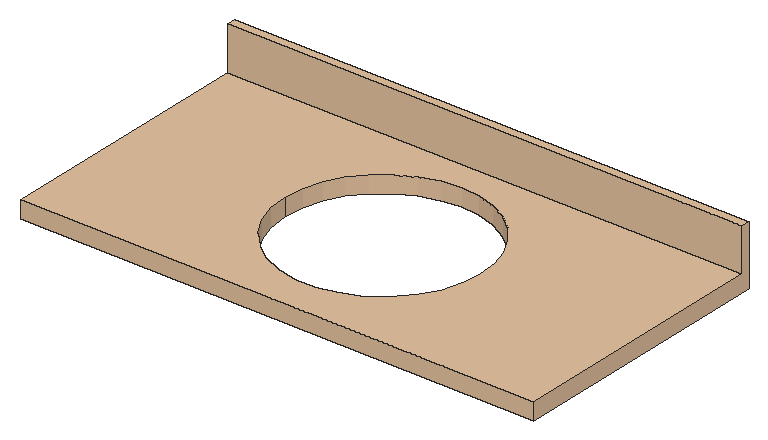
Revit family "Vanity Counter Top w Round Sink Hole (NZ)", category 케이스워크, Revit 2026
Family settings
  작업 기준면 기반 = 아니오
  항상 수직 = 예
  로드될 때 보이드를 사용하여 절단 = 아니오
  공유 = 예
  룸 계산 점 = 아니오
Parameters (values of type "600mm Depth")
  기본 높이 = 0 mm
  Counter Thickness = 40 mm
  Counter Top Material = none
  깊이 = 625 mm
  Height [instance] = 750 mm
  Length [instance] = 1200 mm
  Sink Location [instance] = 600 mm
  Sink Location To Wall [instance] = 100 mm
  Sink Opening Width [instance] = 432 mm
Reference planes
  plane 1 "Back": y = 0
  plane 2: z = 0
  plane 3 "Left": x = -1327.462
  plane 4 "Right": x = -127.462
  plane 5 "Front": y = -625
  plane 6 "Top": z = 750
  plane 7: z = 710
  plane 8: y = -19.05
  plane 9: z = 851.6
  plane 10: x = -727.462
  plane 11: y = -100
  plane 12: x = -511.462
  plane 13: x = -943.462
  plane 14: y = -316
  plane 15: y = -532
Forms (mm)
  Extrusion 1, solid, material <- "Counter Top Material"
    sketch origin (0, 0, 0) x (1, 0, 0) y (0, 1, 0)
      loop
        line (-1327.462, 0) -> (-1327.462, -625) -> (-127.462, -625) -> (-127.462, 0) -> (-1327.462, 0)
    from 710 to 750
  Extrusion 2, solid, material <- "Counter Top Material"
    sketch origin (0, 0, 0) x (1, 0, 0) y (0, 1, 0)
      loop
        line (-127.462, 0) -> (-1327.462, 0) -> (-1327.462, -19.05) -> (-127.462, -19.05) -> (-127.462, 0)
    from 750 to 851.6
  Extrusion 3, void
    sketch origin (0, 0, 0) x (1, 0, 0) y (0, 1, 0)
      loop
        circle (-727.462, -316) r 228.7
    from 710 to 750
Cuts and joins
  Extrusion 3 cuts Extrusion 1
  Extrusion 3 cuts Extrusion 2
  joined: Extrusion 1, Extrusion 2
Lines and regions (mm)
  Masking region 1
    outline origin (0, 0, 0) x (1, 0, 0) y (0, 1, 0)
      loop
        line (-1327.462, -625) -> (-127.462, -625) -> (-127.462, 0) -> (-1327.462, 0) -> (-1327.462, -625)
  symbolic lines, style "Counter Top"
    curve 1: line (-1327.462, -19.05, 0) -> (-127.462, -19.05, 0)
  symbolic lines, style "Sink Opening"
    curve 2: arc (-511.462, -316, 0) -> (-727.462, -100, 0) -> (-943.462, -316, 0) r 216
    curve 3: arc (-943.462, -316, 0) -> (-727.462, -532, 0) -> (-511.462, -316, 0) r 216
Dimensions and locks
  "깊이": plane 5 "Front" to plane 1 "Back"
  "Length": plane 3 "Left" to plane 4 "Right"
  "Height": level to plane 6 "Top"
  "Counter Thickness": plane 7 to plane 6 "Top"
  locked: plane 8 to plane 1 "Back" at 19.05
  plane 6 "Top" to plane 9 = 101.6 mm
  "Sink Opening Width": plane 13 to plane 12
  "Sink Location": plane 3 "Left" to plane 10
  equal spacing: plane 13, plane 10, plane 12
  "Sink Location To Wall": plane 11 to plane 1 "Back"
  equal spacing: plane 15, plane 14, plane 11
  "Sink Opening Width": plane 15 to plane 11
  aligned and locked: plane 1 "Back" to Extrusion 1 sketch curve
  aligned and locked: plane 4 "Right" to Extrusion 1 sketch curve
  aligned and locked: Extrusion 1 sketch curve to plane 5 "Front"
  aligned and locked: Extrusion 1 sketch curve to plane 3 "Left"
  aligned and locked: plane 6 "Top" to Extrusion 1
  aligned and locked: Extrusion 1 to plane 7
  aligned and locked: Extrusion 2 sketch curve to plane 1 "Back"
  aligned and locked: plane 8 to Extrusion 2 sketch curve
  aligned and locked: Extrusion 2 sketch curve to plane 4 "Right"
  aligned and locked: plane 3 "Left" to Extrusion 2 sketch curve
  aligned and locked: Extrusion 2 to plane 9
  aligned and locked: Extrusion 2 to plane 6 "Top"
  aligned and locked: plane 6 "Top" to Extrusion 3
  aligned and locked: Extrusion 1 to Extrusion 3
  aligned: cut or joined group of Extrusion 1, Extrusion 2, Extrusion 3 to Masking region 1 sketch curve
  aligned: Masking region 1 sketch curve to cut or joined group of Extrusion 1, Extrusion 2, Extrusion 3  (x3)
Automatic sketch dimensions
  curve 1 to plane 3 "Left" = 0 mm
  curve 3 to plane 14 = 0 mm
  curve 2 to plane 10 = 0 mm
  curve 1 to plane 8 = 0 mm
  plane 13 to curve 2 = 0 mm
  Extrusion 3 sketch curve to plane 14 = 0 mm
  Extrusion 3 sketch curve to plane 10 = 0 mm
  plane 13 to Extrusion 3 sketch curve = 12.7 mm
  curve 1 to plane 4 "Right" = 0 mm
  Masking region 1 sketch curve to plane 1 "Back" = 0 mm
  Masking region 1 sketch curve to plane 3 "Left" = 0 mm
  Masking region 1 sketch curve to plane 4 "Right" = 0 mm
  Masking region 1 sketch curve to plane 5 "Front" = 0 mm
